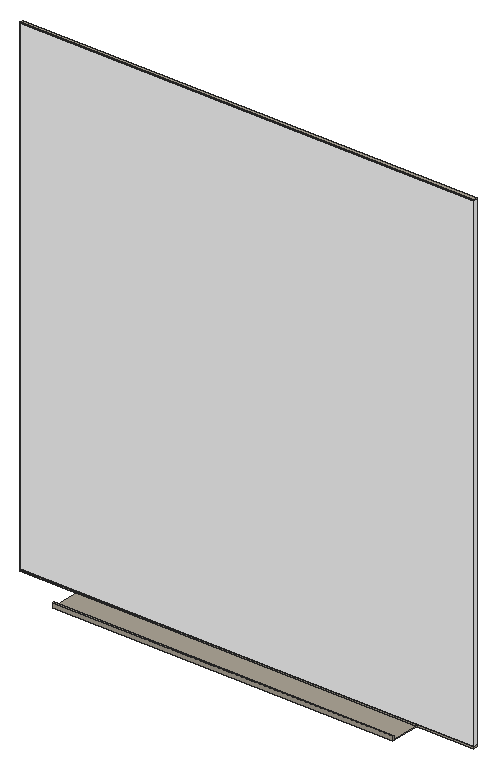
Revit family "Tables-Meeting-Teknion-BAWMG_Wall_Mounted_Glass_Markerboard-R2018", category Furniture, Revit 2018
Family settings
  OmniClass Number = 23.40.20.00
  OmniClass Title = General Furniture and Specialties
  Work Plane-Based = No
  Always vertical = Yes
  Cut with Voids When Loaded = No
  Shared = Yes
  Room Calculation Point = No
Parameters (values of type "Non-Magnetic Glass Markerboard Style, 52" h, with Pencil Tray")
  Width [instance] = 48.000"
  Warranty = "http://www.teknion.com/ca/papers/legal-canada"
  Unit Weight URL = "http://www.teknion.com/ca/tools/assets#&asset=bee6a381-b954-425e-8283-5a2de3a804f2,f828d448-4b62-4231-9e5f-9a8991c0ed77"
  URL = "www.teknion.com"
  Top Trim & Pencil Tray Finish [instance] = Paint - Teknion - Foundation - Earth
  To render please download texture images found here [instance] = "https://assets.teknion.com/web/5e81352c1dfdb467/revit-material-swatches/"
  Sustainability Data = "https://www.teknion.com/ca/tools/assets#&topic=216f99a5-57a0-44fc-b10a-9dee9b29ae4c&asset=444deb64-fe58-4b68-981e-f75e97781df7,b4ff2d81-9f2e-437d-9659-7cffb09c31cf"
  Series = "Expansion Casegoods"  # constant formula
  Product Page URL = "https://www.teknion.com/ca/products/product-details?productLineId=0053336e-8e7a-673b-a6c8-ff00004460c4"
  Product Line = "Expansion Casegoods"  # constant formula
  Product Documentation Link = "https://www.teknion.com/pricing/expansion-casegoods/pdfs/BAWMG_ppg.pdf"
  Pencil Tray Option = yes
  Part Number = "BAWMG"  # constant formula
  Model = "BAWMGG52__Y"
  Manufacturer Phone = "416-661-3370"  # constant formula
  Manufacturer Fax = "416.661.4586"  # constant formula
  Manufacturer Contact Information = "http://www.teknion.com/ca/contactus"
  Manufacturer Address = "1150 Flint Road, Toronto, ON. M3J 2J5. Canada"  # constant formula
  Manufacturer = "Teknion"  # constant formula
  How To Use Teknion Materials User Guide [instance] = "https://assets.teknion.com/m/205dd0a49fa58060/original/How-to-add-a-Material-Library-and-Texture-Images-to-your-Revit-project.pdf"
  Height = 52.000"
  For Additional Finishes please visit [instance] = "https://assets.teknion.com/m/44a8009b046e5d47/original/Teknion_Materials_Library.zip"
  Description = "Wall-Mounted Glass Markerboard, Non-Magnetic Glass Markerboard Style, 52\" Height, with Pencil Tray"
  Available Widths [instance] = if(Height = 48.000", "48, 49, 50, 51, 52, 53, 54, 55, 56, 57, 58, 59, 60, 61, 62, 63, 64, 65, 66, 67, 68, 69, 70, 71, 72, 73, 74, 75, 76, 77, 78, 79, 80, 81, 82, 83, 84, 85, 86, 87, 88, 89, 90, 91, 92, 93, 94, 95, 96 inches.", "48, 49, 50, 51, 52, 53, 54, 55, 56, 57, 58, 59, 60, 61, 62, 63, 64, 65, 66, 67, 68, 69, 70, 71, 72, 73, 74, 75, 76, 77, 78, 79, 80, 81, 82, 83, 84, 85, 86, 87, 88 inches.")  # "48, 49, 50, 51, 52, 53, 54, 55, 56, 57, 58, 59, 60, 61, 62, 63, 64, 65, 66, 67, 68, 69, 70, 71, 72, 73, 74, 75, 76, 77, 78, 79, 80, 81, 82, 83, 84, 85, 86, 87, 88 inches."
  Assembly Code = "E2020200"
Types (9): name | Pencil Tray Option | Model | Height | Description | Available Widths
  (no name) | yes | "BAWMGG52__Y" | 52.000" | "Wall-Mounted Glass Markerboard, Non-Magnetic Glass Markerboard Style, 52\" Height, with Pencil Tray" | "48, 49, 50, 51, 52, 53, 54, 55, 56, 57, 58, 59, 60, 61, 62, 63, 64, 65, 66, 67, 68, 69, 70, 71, 72, 73, 74, 75, 76, 77, 78, 79, 80, 81, 82, 83, 84, 85, 86, 87, 88 inches."
  Non-Magnetic Glass Markerboard Style, 48" h, with Pencil Tray | yes | "BAWMGG48__Y" | 48.000" | "Wall-Mounted Glass Markerboard, Non-Magnetic Glass Markerboard Style, 48\" Height, with Pencil Tray" | "48, 49, 50, 51, 52, 53, 54, 55, 56, 57, 58, 59, 60, 61, 62, 63, 64, 65, 66, 67, 68, 69, 70, 71, 72, 73, 74, 75, 76, 77, 78, 79, 80, 81, 82, 83, 84, 85, 86, 87, 88, 89, 90, 91, 92, 93, 94, 95, 96 inches."
  Non-Magnetic Glass Markerboard Style, 48" h | no | "BAWMGG48__N" | 48.000" | "Wall-Mounted Glass Markerboard, Non-Magnetic Glass Markerboard Style, 48\" Height" | "48, 49, 50, 51, 52, 53, 54, 55, 56, 57, 58, 59, 60, 61, 62, 63, 64, 65, 66, 67, 68, 69, 70, 71, 72, 73, 74, 75, 76, 77, 78, 79, 80, 81, 82, 83, 84, 85, 86, 87, 88, 89, 90, 91, 92, 93, 94, 95, 96 inches."
  Non-Magnetic Glass Markerboard Style, 52" h | no | "BAWMGG52__N" | 52.000" | "Wall-Mounted Glass Markerboard, Non-Magnetic Glass Markerboard Style, 52\" Height" | "48, 49, 50, 51, 52, 53, 54, 55, 56, 57, 58, 59, 60, 61, 62, 63, 64, 65, 66, 67, 68, 69, 70, 71, 72, 73, 74, 75, 76, 77, 78, 79, 80, 81, 82, 83, 84, 85, 86, 87, 88 inches."
  Non-Magnetic Glass Markerboard Style, 52" h, with Pencil Tray | yes | "BAWMGG52__Y" | 52.000" | "Wall-Mounted Glass Markerboard, Non-Magnetic Glass Markerboard Style, 52\" Height, with Pencil Tray" | "48, 49, 50, 51, 52, 53, 54, 55, 56, 57, 58, 59, 60, 61, 62, 63, 64, 65, 66, 67, 68, 69, 70, 71, 72, 73, 74, 75, 76, 77, 78, 79, 80, 81, 82, 83, 84, 85, 86, 87, 88 inches."
  Magnetic Glass Markerboard Style, 48" h | no | "BAWMGM48__N" | 48.000" | "Wall-Mounted Glass Markerboard, Magnetic Glass Markerboard Style, 48\" Height" | "48, 49, 50, 51, 52, 53, 54, 55, 56, 57, 58, 59, 60, 61, 62, 63, 64, 65, 66, 67, 68, 69, 70, 71, 72, 73, 74, 75, 76, 77, 78, 79, 80, 81, 82, 83, 84, 85, 86, 87, 88, 89, 90, 91, 92, 93, 94, 95, 96 inches."
  Magnetic Glass Markerboard Style, 48" h, with Pencil Tray | yes | "BAWMGM48__Y" | 48.000" | "Wall-Mounted Glass Markerboard, Magnetic Glass Markerboard Style, 48\" Height, with Pencil Tray" | "48, 49, 50, 51, 52, 53, 54, 55, 56, 57, 58, 59, 60, 61, 62, 63, 64, 65, 66, 67, 68, 69, 70, 71, 72, 73, 74, 75, 76, 77, 78, 79, 80, 81, 82, 83, 84, 85, 86, 87, 88, 89, 90, 91, 92, 93, 94, 95, 96 inches."
  Magnetic Glass Markerboard Style, 52" h | no | "BAWMGM52__N" | 52.000" | "Wall-Mounted Glass Markerboard, Magnetic Glass Markerboard Style, 52\" Height" | "48, 49, 50, 51, 52, 53, 54, 55, 56, 57, 58, 59, 60, 61, 62, 63, 64, 65, 66, 67, 68, 69, 70, 71, 72, 73, 74, 75, 76, 77, 78, 79, 80, 81, 82, 83, 84, 85, 86, 87, 88 inches."
  Magnetic Glass Markerboard Style, 52" h, with Pencil Tray | yes | "BAWMGM52__Y" | 52.000" | "Wall-Mounted Glass Markerboard, Magnetic Glass Markerboard Style, 52\" Height, with Pencil Tray" | "48, 49, 50, 51, 52, 53, 54, 55, 56, 57, 58, 59, 60, 61, 62, 63, 64, 65, 66, 67, 68, 69, 70, 71, 72, 73, 74, 75, 76, 77, 78, 79, 80, 81, 82, 83, 84, 85, 86, 87, 88 inches."
Reference planes (in)
  plane 1 "Center Front/Back": y = -0.06788
  plane 2: z = 0
  plane 3 "Center Left/Right": x = 0.77298
  plane 4 "Left": x = -23.22702
  plane 5 "Right": x = 24.77298
  plane 6 "Back": y = 0.14354
  plane 7 "Front": y = -0.27929
  plane 8 "Top": z = 92.05906
  plane 9: z = 40.05906
Forms (in)
  Sweep 1, solid, material "Back-painted Glass - K7 - Teknion - Very White"
    path origin (0, 0, 0) x (1, 0, 0) y (0, 1, 0)
      loop
        line (0.77298, -0.17929) -> (0.77298, 0.14354)
    profile origin (0.77298, -0.01788, 0) x (-1, 0, 0) y (0, 0, 1)
      loop
        line (24, 92.00906) -> (-24, 92.00906) -> (-24, 40.16811) -> (24, 40.16811) -> (24, 92.00906)
  Sweep 2, solid, material "Paint - Teknion - Foundation - Earth" <- "Top Trim & Pencil Tray Finish"
    path origin (0, 0, 0) x (1, 0, 0) y (0, 1, 0)
      loop
        line (0.77298, -0.27929) -> (0.77298, 0.14354)
    profile origin (0.77298, -0.06788, 0) x (-1, 0, 0) y (0, 0, 1)
      loop
        line (24, 92.00906) -> (24, 92.05906) -> (-24, 92.05906) -> (-24, 92.00906) -> (24, 92.00906)
      loop
        line (-24, 40.16811) -> (-24, 40.05906) -> (24, 40.05906) -> (24, 40.16811) -> (-24, 40.16811)
  Sweep 3, solid, material "Glass - Teknion - A5 - Standard - Clear"
    path origin (0, 0, 0) x (1, 0, 0) y (0, 1, 0)
      loop
        line (0.77298, -0.17929) -> (0.77298, -0.27929)
    profile origin (0.77298, -0.22929, 0) x (1, 0, 0) y (0, 0, 1)
      loop
        line (-24, 92.00906) -> (-24, 40.16811) -> (24, 40.16811) -> (24, 92.00906) -> (-24, 92.00906)
  Sweep 4, solid, material "Paint - Teknion - Foundation - Earth" <- "Top Trim & Pencil Tray Finish", visible <- "Pencil Tray Option"
    path origin (0, 0, 0) x (1, 0, 0) y (0, 1, 0)
      loop
        line (-17.22702, -1.42754) -> (18.77298, -1.42754)
    profile origin (0.77298, -1.42754, 0) x (0, 1, 0) y (0, 0, 1)
      loop
        line (1.57108, 40) -> (1.57108, 40.05906) -> (-1.91317, 40.05906) -> (-1.91317, 40.51732) -> (-1.97222, 40.51732) -> (-1.97222, 40) -> (1.57108, 40)
Lines and regions (in)
  Masking region 1
    outline origin (0, 0, 0) x (1, 0, 0) y (0, 1, 0)
      loop
        line (-23.22702, 0.14354) -> (-23.22702, -0.27929) -> (24.77298, -0.27929) -> (24.77298, 0.14354) -> (-23.22702, 0.14354)
  Masking region 2, visible <- "Pencil Tray Option"
    outline origin (0, 0, 0) x (1, 0, 0) y (0, 1, 0)
      loop
        line (-17.22702, -3.39977) -> (18.77298, -3.39977) -> (18.77298, -0.27929) -> (-17.22702, -0.27929) -> (-17.22702, -3.39977)
  symbolic lines, visible <- "Pencil Tray Option"
    curve 1: line (18.77298, -3.34071, 0) -> (-17.22702, -3.34071, 0)
  symbolic lines, style "FurnitureHiddenLines", visible <- "Pencil Tray Option", detail levels fine
    curve 2: line (-17.22702, -0.27929, 0) -> (-17.22702, 0.14354, 0)
    curve 3: line (18.77298, 0.14354, 0) -> (18.77298, -0.27929, 0)
  reference lines
    curve 4: line (24.77298, 0.14354, 0) -> (24.77298, -0.27929, 0)
    curve 5: line (-23.22702, 0.14354, 0) -> (-23.22702, -0.27929, 0)
Dimensions and locks (in)
  "Width": plane 4 "Left" to plane 5 "Right"
  equal spacing: plane 6 "Back", plane 1 "Center Front/Back", plane 7 "Front", locked at 0.21142 each
  "Height": plane 8 "Top" to plane 9
  equal spacing: plane 4 "Left", plane 3 "Center Left/Right", plane 5 "Right"
  locked: plane 9 to level at 40.05906
  locked: plane 8 "Top" to Sweep 1 sketch curve at 0.05
  locked: Sweep 1 sketch curve to plane 9 at 0.10906
  locked: plane 8 "Top" to Sweep 2 sketch curve at 0.05
  locked: Sweep 2 sketch curve to plane 9 at 0.10906
  locked: plane 6 "Back" to Sweep 1 sketch curve at 0.32283
  locked: plane 7 "Front" to Sweep 3 sketch curve at 0.1
  locked: Sweep 3 sketch curve to plane 9 at 0.10906
  locked: plane 8 "Top" to Sweep 3 sketch curve at 0.05
  locked: plane 4 "Left" to Sweep 4 sketch curve at 6
  locked: Sweep 4 sketch curve to plane 5 "Right" at 6
  Sweep 4 sketch curve to plane 9 to Sweep 4 sketch curve = 0.45827" locked, 0.05906" locked
  plane 7 "Front" to Sweep 4 sketch curve to Sweep 4 sketch curve = 3.06142" locked, 0.05906" locked
  aligned and locked: level to plane 2
  aligned and locked: plane 6 "Back" to Sweep 1 sketch curve
  aligned and locked: plane 3 "Center Left/Right" to Sweep 1 sketch curve
  aligned and locked: Sweep 1 sketch curve to plane 5 "Right"
  aligned and locked: Sweep 1 sketch curve to plane 4 "Left"
  aligned and locked: plane 8 "Top" to Sweep 2 sketch curve
  aligned and locked: plane 4 "Left" to Sweep 2 sketch curve
  aligned and locked: Sweep 2 sketch curve to plane 5 "Right"
  aligned and locked: plane 9 to Sweep 2 sketch curve
  aligned and locked: Sweep 2 sketch curve to plane 4 "Left"
  aligned and locked: plane 5 "Right" to Sweep 2 sketch curve
  aligned and locked: plane 7 "Front" to Sweep 3 sketch curve
  aligned and locked: Sweep 3 sketch curve to plane 4 "Left"
  aligned and locked: plane 5 "Right" to Sweep 3 sketch curve
  aligned and locked: plane 9 to Sweep 4 sketch curve
  aligned and locked: Sweep 4 sketch curve to plane 6 "Back"
  aligned and locked: Masking region 1 sketch curve to plane 6 "Back"
  aligned and locked: Masking region 1 sketch curve to plane 4 "Left"
  aligned and locked: Masking region 1 sketch curve to plane 7 "Front"
  aligned and locked: Masking region 1 sketch curve to plane 5 "Right"
  aligned and locked: Masking region 2 sketch curve to Sweep 4  (x3)
  aligned and locked: plane 7 "Front" to Masking region 2 sketch curve
  aligned and locked: curve 1 to Sweep 4
  aligned and locked: Sweep 4 to curve 2
  aligned and locked: plane 6 "Back" to curve 2
  aligned and locked: plane 7 "Front" to curve 2
  aligned and locked: plane 7 "Front" to curve 3
  aligned and locked: curve 3 to plane 6 "Back"
  aligned and locked: curve 3 to Sweep 4
  aligned and locked: curve 4 to plane 5 "Right"
  aligned and locked: curve 5 to plane 4 "Left"
Automatic sketch dimensions
  Sweep 2 sketch curve to plane 3 "Center Left/Right" = 0.000"
  plane 7 "Front" to Sweep 2 sketch curve = 0.000"
  Sweep 2 sketch curve to plane 6 "Back" = 0.000"
  Sweep 3 sketch curve to plane 3 "Center Left/Right" = 0.000"
  plane 7 "Front" to Sweep 4 sketch curve = 1.14825"
  curve 1 to curve 2 = 0.000"
  curve 1 to curve 3 = 0.000"
  plane 7 "Front" to curve 4 = 0.000"
  plane 6 "Back" to curve 4 = 0.000"
  curve 5 to plane 7 "Front" = 0.000"
  curve 5 to plane 6 "Back" = 0.000"
